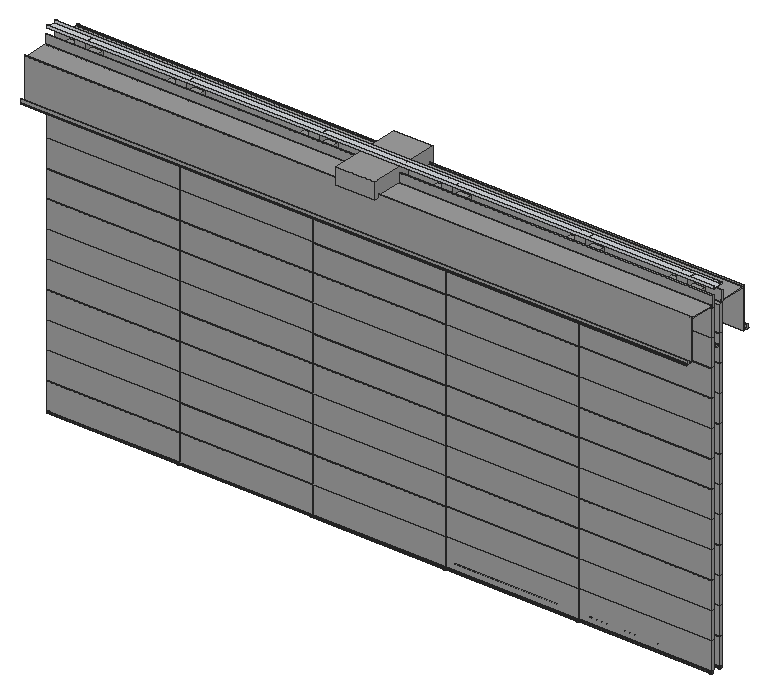
Revit family (continued)
Definition of nested family "2D Fold Panels"
  Automatic sketch dimensions
    curve 19 to curve 20 = 0' - 0"
    curve 7 to curve 6 = 0' - 0"
    curve 18 to curve 19 = 0' - 0"
    curve 8 to curve 7 = 0' - 0"
    curve 17 to curve 18 = 0' - 0"
    curve 9 to curve 8 = 0' - 0"
    curve 16 to curve 17 = 0' - 0"
    curve 10 to curve 9 = 0' - 0"
    curve 15 to curve 16 = 0' - 0"
    curve 11 to curve 10 = 0' - 0"
    curve 14 to curve 15 = 0' - 0"
    curve 12 to curve 11 = 0' - 0"
    curve 13 to curve 12 = 0' - 0"  (x2)
    curve 12 to plane 4 = 0' - 8.45338"
    curve 11 to curve 12 = 0' - 0"
    curve 14 to curve 13 = 0' - 0"
    curve 10 to curve 11 = 0' - 0"
    curve 15 to curve 14 = 0' - 0"
    curve 9 to curve 10 = 0' - 0"
    curve 16 to curve 15 = 0' - 0"
    curve 8 to curve 9 = 0' - 0"
    curve 17 to curve 16 = 0' - 0"
    curve 7 to curve 8 = 0' - 0"
    curve 18 to curve 17 = 0' - 0"
    curve 6 to curve 7 = 0' - 0"
    curve 19 to curve 18 = 0' - 0"
    curve 5 to curve 6 = 0' - 0"
    curve 20 to curve 19 = 0' - 0"
    curve 4 to curve 5 = 0' - 0"
    curve 21 to curve 20 = 0' - 0"
    curve 3 to curve 4 = 0' - 0"
    curve 22 to curve 21 = 0' - 0"
    curve 2 to curve 3 = 0' - 0"
    curve 23 to curve 22 = 0' - 0"
    curve 1 to curve 2 = 0' - 0"
    curve 24 to curve 23 = 0' - 0"
    plane 5 to curve 48 = 0' - 8.45338"
    plane 5 to curve 25 = 0' - 8.45338"
    curve 47 to curve 48 = 0' - 0"
    curve 26 to curve 25 = 0' - 0"
    curve 46 to curve 47 = 0' - 0"
    curve 27 to curve 26 = 0' - 0"
    curve 45 to curve 46 = 0' - 0"
    curve 28 to curve 27 = 0' - 0"
    curve 44 to curve 45 = 0' - 0"
    curve 29 to curve 28 = 0' - 0"
    curve 43 to curve 44 = 0' - 0"
    curve 30 to curve 29 = 0' - 0"
    curve 42 to curve 43 = 0' - 0"
    curve 31 to curve 30 = 0' - 0"
    curve 41 to curve 42 = 0' - 0"
    curve 32 to curve 31 = 0' - 0"
    curve 40 to curve 41 = 0' - 0"
    curve 33 to curve 32 = 0' - 0"
    curve 39 to curve 40 = 0' - 0"
    curve 34 to curve 33 = 0' - 0"
    curve 38 to curve 39 = 0' - 0"
    curve 35 to curve 34 = 0' - 0"
    curve 37 to curve 38 = 0' - 0"
    curve 36 to curve 37 = 0' - 0"  (x2)
    curve 37 to plane 7 = 0' - 5.08923"
    curve 38 to curve 37 = 0' - 0"
    curve 35 to curve 36 = 0' - 0"
    curve 39 to curve 38 = 0' - 0"
    curve 34 to curve 35 = 0' - 0"
    curve 40 to curve 39 = 0' - 0"
    curve 33 to curve 34 = 0' - 0"
    curve 41 to curve 40 = 0' - 0"
    curve 32 to curve 33 = 0' - 0"
    curve 42 to curve 41 = 0' - 0"
    curve 31 to curve 32 = 0' - 0"
    curve 43 to curve 42 = 0' - 0"
    curve 30 to curve 31 = 0' - 0"
    curve 44 to curve 43 = 0' - 0"
    curve 29 to curve 30 = 0' - 0"
    curve 45 to curve 44 = 0' - 0"
    curve 28 to curve 29 = 0' - 0"
    curve 46 to curve 45 = 0' - 0"
    curve 27 to curve 28 = 0' - 0"
    curve 47 to curve 46 = 0' - 0"
    curve 26 to curve 27 = 0' - 0"
    curve 48 to curve 47 = 0' - 0"
    curve 25 to curve 26 = 0' - 0"
    curve 47 to plane 1 "Center (Front/Back)" = 0' - 2 1/4"
    curve 23 to plane 1 "Center (Front/Back)" = 0' - 2 1/4"
    curve 47 to curve 46 = 0' - 0 1/8"
    curve 23 to curve 22 = 0' - 0 1/8"
    curve 46 to curve 45 = 0' - 2 1/4"
    curve 22 to curve 21 = 0' - 2 1/4"
    curve 21 to curve 20 = 0' - 1.73506"
    curve 45 to curve 44 = 0' - 1.73506"
    curve 44 to curve 43 = 0' - 2 1/4"
    curve 20 to curve 19 = 0' - 2 1/4"
    curve 19 to curve 18 = 0' - 0 1/8"
    curve 43 to curve 42 = 0' - 0 1/8"
    curve 42 to curve 41 = 0' - 2 1/4"
    curve 18 to curve 17 = 0' - 2 1/4"
    curve 17 to curve 16 = 0' - 1.73506"
    curve 41 to curve 40 = 0' - 1.73506"
    curve 16 to curve 15 = 0' - 2 1/4"
    curve 40 to curve 39 = 0' - 2 1/4"
    curve 15 to curve 14 = 0' - 0 1/8"
    curve 39 to curve 38 = 0' - 0 1/8"
    curve 14 to curve 13 = 0' - 2 1/4"
    curve 38 to curve 37 = 0' - 2 1/4"
    curve 37 to curve 36 = 0' - 1.73506"
    curve 13 to curve 12 = 0' - 1.73506"
    curve 36 to curve 35 = 0' - 2 1/4"
    curve 12 to curve 11 = 0' - 2 1/4"
    curve 11 to curve 10 = 0' - 0 1/8"
    curve 35 to curve 34 = 0' - 0 1/8"
    curve 10 to curve 9 = 0' - 2 1/4"
    curve 34 to curve 33 = 0' - 2 1/4"
    curve 33 to curve 32 = 0' - 1.73506"
    curve 9 to curve 8 = 0' - 1.73506"
    curve 8 to curve 7 = 0' - 2 1/4"
    curve 32 to curve 31 = 0' - 2 1/4"
    curve 31 to curve 30 = 0' - 0 1/8"
    curve 7 to curve 6 = 0' - 0 1/8"
    curve 6 to curve 5 = 0' - 2 1/4"
    curve 30 to curve 29 = 0' - 2 1/4"
    curve 29 to curve 28 = 0' - 1.73506"
    curve 5 to curve 4 = 0' - 1.73506"
    curve 28 to curve 27 = 0' - 2 1/4"
    curve 4 to curve 3 = 0' - 2 1/4"
    curve 3 to curve 2 = 0' - 0 1/8"
    curve 27 to curve 26 = 0' - 0 1/8"
    curve 2 to curve 1 = 0' - 2 1/4"
    curve 26 to curve 25 = 0' - 2 1/4"
  Nested families (in)
    nested 1: "2D Ext Panels" at (-33.49724, 0, 0), type "panels", in view "Ref. Level"
    nested 2: "2D Int Panels" at (12.13272, 0, 0), type "Panels", in view "Ref. Level"
    nested 3: "2D Ext Panels" at (28.52102, 0, 0) x (-1, 0, 0) z (0, 0, 1), type "panels", in view "Ref. Level"
    nested 4: "2D Int Panels" at (-17.10894, 0, 0) x (-1, 0, 0) z (0, 0, 1), type "Panels", in view "Ref. Level"
  Definition of nested family "2D Ext Panels"
    Parameters (values of type "panels")
      Assembly Code = ""
    Reference planes (in)
      plane 1 "Center (Front/Back)": y = 0
      plane 2: z = 0
      plane 3 "Center (Left/Right)": x = 0
    Lines and regions (in)
      model lines, style "DetailComponents", in view "Ref. Level"
        curve 1: line (-3.15164, 2.25, 0) -> (-7.51926, 2.25, 0)
        curve 2: line (-7.51926, 2.25, 0) -> (-8.31196, 1.4573, 0)
        curve 3: line (-8.31196, 1.4573, 0) -> (-8.31196, 0, 0)
        curve 4: line (-8.31196, 0, 0) -> (-3.15164, 0, 0)
        curve 5: line (-3.15164, 8.73506, 0) -> (-7.45687, 8.73506, 0)
        curve 6: line (-7.45687, 8.73506, 0) -> (-8.24087, 9.51906, 0)
        curve 7: line (-8.24087, 9.51906, 0) -> (-8.24087, 10.98506, 0)
        curve 8: line (-8.24087, 10.98506, 0) -> (-3.15164, 10.98506, 0)
        curve 9: line (-3.15164, 6.36006, 0) -> (-8.24087, 6.36006, 0)
        curve 10: line (-8.24087, 6.36006, 0) -> (-8.24087, 7.82606, 0)
        curve 11: line (-8.24087, 7.82606, 0) -> (-7.45687, 8.61006, 0)
        curve 12: line (-7.45687, 8.61006, 0) -> (-3.15164, 8.61006, 0)
        curve 13: line (-3.15164, 2.375, 0) -> (-7.52796, 2.375, 0)
        curve 14: line (-7.52796, 2.375, 0) -> (-8.31196, 3.159, 0)
        curve 15: line (-8.31196, 3.159, 0) -> (-8.31196, 4.625, 0)
        curve 16: line (-8.31196, 4.625, 0) -> (-3.15164, 4.625, 0)
      detail lines, style "DetailComponents", in view "Ref. Level"
        curve 17: line (-3.15164, 15.09513, 0) -> (-7.45687, 15.09513, 0)
        curve 18: line (-7.45687, 15.09513, 0) -> (-8.24087, 15.87913, 0)
        curve 19: line (-8.24087, 15.87913, 0) -> (-8.24087, 17.34513, 0)
        curve 20: line (-8.24087, 17.34513, 0) -> (-3.15164, 17.34513, 0)
        curve 21: line (-3.15164, 12.72013, 0) -> (-8.24087, 12.72013, 0)
        curve 22: line (-8.24087, 12.72013, 0) -> (-8.24087, 14.18613, 0)
        curve 23: line (-8.24087, 14.18613, 0) -> (-7.45687, 14.97013, 0)
        curve 24: line (-7.45687, 14.97013, 0) -> (-3.15164, 14.97013, 0)
        curve 25: line (-3.15164, 21.45519, 0) -> (-7.45687, 21.45519, 0)
        curve 26: line (-7.45687, 21.45519, 0) -> (-8.24087, 22.23919, 0)
        curve 27: line (-8.24087, 22.23919, 0) -> (-8.24087, 23.70519, 0)
        curve 28: line (-8.24087, 23.70519, 0) -> (-3.15164, 23.70519, 0)
        curve 29: line (-3.15164, 19.08019, 0) -> (-8.24087, 19.08019, 0)
        curve 30: line (-8.24087, 19.08019, 0) -> (-8.24087, 20.54619, 0)
        curve 31: line (-8.24087, 20.54619, 0) -> (-7.45687, 21.33019, 0)
        curve 32: line (-7.45687, 21.33019, 0) -> (-3.15164, 21.33019, 0)
        curve 33: line (-3.15164, 27.81525, 0) -> (-7.45687, 27.81525, 0)
        curve 34: line (-7.45687, 27.81525, 0) -> (-8.24087, 28.59925, 0)
        curve 35: line (-8.24087, 28.59925, 0) -> (-8.24087, 30.06525, 0)
        curve 36: line (-8.24087, 30.06525, 0) -> (-3.15164, 30.06525, 0)
        curve 37: line (-3.15164, 25.44025, 0) -> (-8.24087, 25.44025, 0)
        curve 38: line (-8.24087, 25.44025, 0) -> (-8.24087, 26.90625, 0)
        curve 39: line (-8.24087, 26.90625, 0) -> (-7.45687, 27.69025, 0)
        curve 40: line (-7.45687, 27.69025, 0) -> (-3.15164, 27.69025, 0)
        curve 41: line (-3.15164, 34.17531, 0) -> (-7.45687, 34.17531, 0)
        curve 42: line (-7.45687, 34.17531, 0) -> (-8.24087, 34.95931, 0)
        curve 43: line (-8.24087, 34.95931, 0) -> (-8.24087, 36.42531, 0)
        curve 44: line (-8.24087, 36.42531, 0) -> (-3.15164, 36.42531, 0)
        curve 45: line (-3.15164, 31.80031, 0) -> (-8.24087, 31.80031, 0)
        curve 46: line (-8.24087, 31.80031, 0) -> (-8.24087, 33.26631, 0)
        curve 47: line (-8.24087, 33.26631, 0) -> (-7.45687, 34.05031, 0)
        curve 48: line (-7.45687, 34.05031, 0) -> (-3.15164, 34.05031, 0)
  Definition of nested family "2D Int Panels"
    Parameters (values of type "Panels")
      Assembly Code = ""
    Reference planes (in)
      plane 1 "Center (Front/Back)": y = 0
      plane 2: z = 0
      plane 3 "Center (Left/Right)": x = -12.78401
    Lines and regions (in)
      model lines, style "DetailComponents", in view "Ref. Level"
        curve 1: arc (-16.55211, 0.06825, 0) -> (-16.24953, 0.15463, 0) -> (-16.11168, 0.4375, 0) r 0.38616
        curve 2: arc (-16.11168, 0.4375, 0) -> (-16.23386, 0.72219, 0) -> (-16.531, 0.80987, 0) r 0.36427
        curve 3: arc (-17.59327, 36.35706, 0) -> (-17.29068, 36.27069, 0) -> (-17.15283, 35.98781, 0) r 0.38616
        curve 4: arc (-17.15283, 35.98781, 0) -> (-17.27502, 35.70312, 0) -> (-17.57215, 35.61544, 0) r 0.36427
        curve 5: line (-26.32421, 0, 0) -> (-17.87083, 0, 0)
        curve 6: line (-17.87083, 0, 0) -> (-17.87083, 0.24995, 0)
        curve 7: line (-17.87083, 0.24995, 0) -> (-16.55211, 0.06825, 0)
        curve 8: line (-16.531, 0.80987, 0) -> (-17.72553, 0.63308, 0)
        curve 9: line (-17.72553, 0.63308, 0) -> (-17.87083, 0.62287, 0)
        curve 10: line (-17.87083, 0.62287, 0) -> (-17.87083, 0.75, 0)
        curve 11: line (-17.87083, 0.75, 0) -> (-18.38883, 0.75, 0)
        curve 12: line (-18.38883, 0.75, 0) -> (-18.38883, 2.25, 0)
        curve 13: line (-18.38883, 2.25, 0) -> (-26.32421, 2.25, 0)
        curve 14: line (-26.32421, 4.625, 0) -> (-17.87083, 4.625, 0)
        curve 15: line (-17.87083, 4.625, 0) -> (-17.87083, 4.375, 0)
        curve 16: line (-17.87083, 4.375, 0) -> (-18.37083, 4.375, 0)
        curve 17: line (-18.37083, 4.375, 0) -> (-18.37083, 2.375, 0)
        curve 18: line (-18.37083, 2.375, 0) -> (-26.32421, 2.375, 0)
        curve 19: line (-26.32421, 8.61006, 0) -> (-17.87083, 8.61006, 0)
        curve 20: line (-17.87083, 8.61006, 0) -> (-17.87083, 6.36006, 0)
        curve 21: line (-17.87083, 6.36006, 0) -> (-26.32421, 6.36006, 0)
        curve 22: line (-26.32421, 10.98506, 0) -> (-17.87083, 10.98506, 0)
        curve 23: line (-17.87083, 10.98506, 0) -> (-17.87083, 10.73506, 0)
        curve 24: line (-17.87083, 10.73506, 0) -> (-18.37083, 10.73506, 0)
        curve 25: line (-18.37083, 10.73506, 0) -> (-18.37083, 8.73506, 0)
        curve 26: line (-18.37083, 8.73506, 0) -> (-26.32421, 8.73506, 0)
        curve 27: line (-26.32421, 34.05031, 0) -> (-17.87083, 34.05031, 0)
        curve 28: line (-17.87083, 34.05031, 0) -> (-17.87083, 31.80031, 0)
        curve 29: line (-17.87083, 31.80031, 0) -> (-26.32421, 31.80031, 0)
        curve 30: line (-26.32421, 36.42531, 0) -> (-18.87083, 36.42531, 0)
        curve 31: line (-18.87083, 36.42531, 0) -> (-18.868, 36.17536, 0)
        curve 32: line (-18.868, 36.17536, 0) -> (-17.59327, 36.35706, 0)
        curve 33: line (-17.57215, 35.61544, 0) -> (-18.76668, 35.79223, 0)
        curve 34: line (-18.76668, 35.79223, 0) -> (-18.90283, 35.80263, 0)
        curve 35: line (-18.90283, 35.80263, 0) -> (-18.90283, 35.67531, 0)
        curve 36: line (-18.90283, 35.67531, 0) -> (-19.17083, 35.67531, 0)
        curve 37: line (-19.17083, 35.67531, 0) -> (-19.17083, 34.17531, 0)
        curve 38: line (-19.17083, 34.17531, 0) -> (-26.32421, 34.17531, 0)
      detail lines, style "DetailComponents", in view "Ref. Level"
        curve 39: line (-26.32421, 21.33019, 0) -> (-17.87083, 21.33019, 0)
        curve 40: line (-17.87083, 21.33019, 0) -> (-17.87083, 19.08019, 0)
        curve 41: line (-17.87083, 19.08019, 0) -> (-26.32421, 19.08019, 0)
        curve 42: line (-26.32421, 23.70519, 0) -> (-17.87083, 23.70519, 0)
        curve 43: line (-17.87083, 23.70519, 0) -> (-17.87083, 23.45519, 0)
        curve 44: line (-17.87083, 23.45519, 0) -> (-18.37083, 23.45519, 0)
        curve 45: line (-18.37083, 23.45519, 0) -> (-18.37083, 21.45519, 0)
        curve 46: line (-18.37083, 21.45519, 0) -> (-26.32421, 21.45519, 0)
        curve 47: line (-26.32421, 14.97013, 0) -> (-17.87083, 14.97013, 0)
        curve 48: line (-17.87083, 14.97013, 0) -> (-17.87083, 12.72013, 0)
        curve 49: line (-17.87083, 12.72013, 0) -> (-26.32421, 12.72013, 0)
        curve 50: line (-26.32421, 17.34513, 0) -> (-17.87083, 17.34513, 0)
        curve 51: line (-17.87083, 17.34513, 0) -> (-17.87083, 17.09513, 0)
        curve 52: line (-17.87083, 17.09513, 0) -> (-18.37083, 17.09513, 0)
        curve 53: line (-18.37083, 17.09513, 0) -> (-18.37083, 15.09513, 0)
        curve 54: line (-18.37083, 15.09513, 0) -> (-26.32421, 15.09513, 0)
        curve 55: line (-26.32421, 27.69025, 0) -> (-17.87083, 27.69025, 0)
        curve 56: line (-17.87083, 27.69025, 0) -> (-17.87083, 25.44025, 0)
        curve 57: line (-17.87083, 25.44025, 0) -> (-26.32421, 25.44025, 0)
        curve 58: line (-26.32421, 30.06525, 0) -> (-17.87083, 30.06525, 0)
        curve 59: line (-17.87083, 30.06525, 0) -> (-17.87083, 29.81525, 0)
        curve 60: line (-17.87083, 29.81525, 0) -> (-18.37083, 29.81525, 0)
        curve 61: line (-18.37083, 29.81525, 0) -> (-18.37083, 27.81525, 0)
        curve 62: line (-18.37083, 27.81525, 0) -> (-26.32421, 27.81525, 0)
Definition of nested family "2D Unfold Panels"
  Parameters (values of type "Unfold panels")
    Wall thickness = 0' - 11 3/4"
    Distance_Between_Panels = 2' - 2 7/8"
    Assembly Code = ""
  Reference planes (in)
    plane 1: z = 0
    plane 2 "Center (Left/Right)": x = 0.41811
    plane 3: y = 92
    plane 4: y = 65.125
    plane 5: y = 38.25
    plane 6: y = 11.375
    plane 7: y = -15.5
    plane 8: y = -42.375
    plane 9: y = -69.25
    plane 10: y = -96.125
    plane 11: y = -123
    plane 12: y = -149.875
    plane 13: y = -176.75
    plane 14: y = -203.625
    plane 15: y = -230.5
    plane 16: y = -230.57812
    plane 17: y = 90.89062
    plane 18: x = 6.29311
    plane 19: x = -5.45689
  Lines and regions (in)
    detail lines, in view "Ref. Level"
      curve 1: line (-5.45689, 87.75359, 0) -> (-5.45689, 68.93944, 0)
      curve 2: line (-3.20678, 87.75359, 0) -> (-3.20678, 68.93944, 0)
      curve 3: line (-5.45689, 62.08989, 0) -> (-5.45689, 41.31444, 0)
      curve 4: line (-3.20678, 62.08989, 0) -> (-3.20678, 41.31444, 0)
      curve 5: line (-3.20678, 35.47786, 0) -> (-3.20678, 14.33098, 0)
      curve 6: line (-5.45689, 14.33098, 0) -> (-5.45689, 35.47786, 0)
      curve 7: line (-5.45689, -45.41011, 0) -> (-5.45689, -65.00359, 0)
      curve 8: line (-3.20678, -45.41011, 0) -> (-3.20678, -65.00359, 0)
      curve 9: line (-5.45689, 8.33989, 0) -> (-5.45689, -12.43556, 0)
      curve 10: line (-3.20678, 8.33989, 0) -> (-3.20678, -12.43556, 0)
      curve 11: line (-3.20678, -18.27214, 0) -> (-3.20678, -39.41902, 0)
      curve 12: line (-5.45689, -39.41902, 0) -> (-5.45689, -18.27214, 0)
      curve 13: line (-5.45689, -99.16011, 0) -> (-5.45689, -118.75359, 0)
      curve 14: line (-3.20678, -99.16011, 0) -> (-3.20678, -118.75359, 0)
      curve 15: line (-3.20678, -72.02214, 0) -> (-3.20678, -93.16902, 0)
      curve 16: line (-5.45689, -93.16902, 0) -> (-5.45689, -72.02214, 0)
      curve 17: line (-5.45689, -152.91011, 0) -> (-5.45689, -172.50359, 0)
      curve 18: line (-3.20678, -152.91011, 0) -> (-3.20678, -172.50359, 0)
      curve 19: line (-3.20678, -125.77214, 0) -> (-3.20678, -146.91902, 0)
      curve 20: line (-5.45689, -146.91902, 0) -> (-5.45689, -125.77214, 0)
      curve 21: line (-5.45689, -206.66011, 0) -> (-5.45689, -226.75359, 0)
      curve 22: line (-3.20678, -206.66011, 0) -> (-3.20678, -226.75359, 0)
      curve 23: line (-3.20678, -179.52214, 0) -> (-3.20678, -200.66902, 0)
      curve 24: line (-5.45689, -200.66902, 0) -> (-5.45689, -179.52214, 0)
      curve 25: line (6.29311, 87.75359, 0) -> (6.29311, 68.93944, 0)
      curve 26: line (4.043, 87.75359, 0) -> (4.043, 68.93944, 0)
      curve 27: line (6.29311, 62.08989, 0) -> (6.29311, 41.31444, 0)
      curve 28: line (4.043, 62.08989, 0) -> (4.043, 41.31444, 0)
      curve 29: line (4.043, 35.47786, 0) -> (4.043, 14.33098, 0)
      curve 30: line (6.29311, 14.33098, 0) -> (6.29311, 35.47786, 0)
      curve 31: line (6.29311, -45.41011, 0) -> (6.29311, -65.00359, 0)
      curve 32: line (4.043, -45.41011, 0) -> (4.043, -65.00359, 0)
      curve 33: line (6.29311, 8.33989, 0) -> (6.29311, -12.43556, 0)
      curve 34: line (4.043, 8.33989, 0) -> (4.043, -12.43556, 0)
      curve 35: line (4.043, -18.27214, 0) -> (4.043, -39.41902, 0)
      curve 36: line (6.29311, -39.41902, 0) -> (6.29311, -18.27214, 0)
      curve 37: line (6.29311, -99.16011, 0) -> (6.29311, -118.75359, 0)
      curve 38: line (4.043, -99.16011, 0) -> (4.043, -118.75359, 0)
      curve 39: line (4.043, -72.02214, 0) -> (4.043, -93.16902, 0)
      curve 40: line (6.29311, -93.16902, 0) -> (6.29311, -72.02214, 0)
      curve 41: line (6.29311, -152.91011, 0) -> (6.29311, -172.50359, 0)
      curve 42: line (4.043, -152.91011, 0) -> (4.043, -172.50359, 0)
      curve 43: line (4.043, -125.77214, 0) -> (4.043, -146.91902, 0)
      curve 44: line (6.29311, -146.91902, 0) -> (6.29311, -125.77214, 0)
      curve 45: line (6.29311, -206.66011, 0) -> (6.29311, -226.75359, 0)
      curve 46: line (4.043, -206.66011, 0) -> (4.043, -226.75359, 0)
      curve 47: line (4.043, -179.52214, 0) -> (4.043, -200.66902, 0)
      curve 48: line (6.29311, -200.66902, 0) -> (6.29311, -179.52214, 0)
  Dimensions and locks (in)
    "Distance_Between_Panels": plane 4 to plane 3
    locked: plane 16 to plane 15 at 0.07812
    locked: plane 3 to plane 17 at 1.10937
    equal spacing: plane 15, plane 14, plane 13, plane 12, plane 11, plane 10, plane 9, plane 8, plane 7, plane 6, plane 5, plane 4, plane 3
    equal spacing: plane 19, plane 2 "Center (Left/Right)", plane 18
    "Wall thickness": plane 19 to plane 18
    aligned and locked: plane 2 "Center (Left/Right)" to nested 1
    aligned and locked: plane 2 "Center (Left/Right)" to nested 2
    aligned and locked: plane 2 "Center (Left/Right)" to nested 3
    aligned and locked: plane 2 "Center (Left/Right)" to nested 4
    aligned and locked: plane 2 "Center (Left/Right)" to nested 5
    aligned: plane 3 to nested 5
    aligned: plane 5 to nested 4
    aligned: plane 6 to nested 3
    aligned: plane 9 to nested 2
    aligned: nested 2 to plane 9
    aligned: plane 8 to nested 6
    aligned: plane 7 to nested 7
    aligned: nested 3 to plane 6
    aligned: nested 4 to plane 5
    aligned and locked: nested 2 to plane 8
    aligned and locked: nested 6 to plane 7
    aligned and locked: nested 7 to plane 6
    aligned and locked: nested 3 to plane 5
    aligned and locked: nested 4 to plane 4
    aligned and locked: nested 8 to plane 10
    aligned and locked: nested 9 to plane 9
    aligned and locked: nested 10 to plane 12
    aligned and locked: nested 11 to plane 11
    aligned: plane 15 to nested 1
    aligned and locked: nested 12 to plane 14
    aligned and locked: nested 13 to plane 13
    aligned and locked: nested 1 to plane 16
    aligned and locked: nested 5 to plane 17
    aligned and locked: plane 2 "Center (Left/Right)" to nested 12
    aligned and locked: plane 2 "Center (Left/Right)" to nested 13
    aligned and locked: plane 2 "Center (Left/Right)" to nested 10
    aligned and locked: plane 2 "Center (Left/Right)" to nested 11
    aligned and locked: plane 2 "Center (Left/Right)" to nested 8
    aligned and locked: plane 2 "Center (Left/Right)" to nested 9
    aligned and locked: plane 2 "Center (Left/Right)" to nested 6
    aligned and locked: plane 2 "Center (Left/Right)" to nested 7
  Automatic sketch dimensions
    curve 1 to plane 19 = 0' - 0"
    curve 24 to plane 19 = 0' - 0"
    curve 3 to plane 19 = 0' - 0"
    curve 21 to plane 19 = 0' - 0"
    curve 20 to plane 19 = 0' - 0"
    curve 6 to plane 19 = 0' - 0"
    curve 7 to plane 19 = 0' - 0"
    curve 17 to plane 19 = 0' - 0"
    curve 9 to plane 19 = 0' - 0"
    curve 16 to plane 19 = 0' - 0"
    curve 13 to plane 19 = 0' - 0"
    curve 12 to plane 19 = 0' - 0"
    curve 37 to plane 18 = 0' - 0"
    curve 36 to plane 18 = 0' - 0"
    curve 33 to plane 18 = 0' - 0"
    curve 40 to plane 18 = 0' - 0"
    curve 41 to plane 18 = 0' - 0"
    curve 31 to plane 18 = 0' - 0"
    curve 30 to plane 18 = 0' - 0"
    curve 27 to plane 18 = 0' - 0"
    curve 44 to plane 18 = 0' - 0"
    curve 45 to plane 18 = 0' - 0"
    curve 25 to plane 18 = 0' - 0"
    curve 48 to plane 18 = 0' - 0"
    plane 19 to curve 11 = 0' - 2.25011"
    plane 19 to curve 14 = 0' - 2.25011"
    plane 19 to curve 15 = 0' - 2.25011"
    plane 19 to curve 10 = 0' - 2.25011"
    plane 19 to curve 8 = 0' - 2.25011"
    plane 19 to curve 18 = 0' - 2.25011"
    plane 19 to curve 19 = 0' - 2.25011"
    plane 19 to curve 5 = 0' - 2.25011"
    plane 19 to curve 4 = 0' - 2.25011"
    plane 19 to curve 22 = 0' - 2.25011"
    plane 19 to curve 23 = 0' - 2.25011"
    plane 19 to curve 2 = 0' - 2.25011"
    curve 47 to plane 18 = 0' - 2.25011"
    curve 46 to plane 18 = 0' - 2.25011"
    curve 26 to curve 25 = 0' - 2.25011"
    curve 43 to plane 18 = 0' - 2.25011"
    curve 28 to curve 27 = 0' - 2.25011"
    curve 29 to curve 30 = 0' - 2.25011"
    curve 42 to plane 18 = 0' - 2.25011"
    curve 32 to plane 18 = 0' - 2.25011"
    curve 39 to plane 18 = 0' - 2.25011"
    curve 34 to plane 18 = 0' - 2.25011"
    curve 35 to plane 18 = 0' - 2.25011"
    curve 38 to plane 18 = 0' - 2.25011"
    plane 16 to curve 45 = 0' - 3.82454"
    plane 16 to curve 21 = 0' - 3.82454"
    curve 46 to curve 45 = 0' - 0"  (x2)
    curve 21 to curve 22 = 0' - 0"  (x2)
    plane 14 to curve 46 = 0' - 3.03511"
    plane 14 to curve 22 = 0' - 3.03511"
    curve 23 to plane 14 = 0' - 2.95598"
    curve 47 to plane 14 = 0' - 2.95598"
    curve 24 to curve 23 = 0' - 0"  (x2)
    curve 47 to curve 48 = 0' - 0"  (x2)
    plane 13 to curve 47 = 0' - 2.77214"
    plane 13 to curve 24 = 0' - 2.77214"
    curve 41 to plane 13 = 0' - 4.24641"
    curve 17 to plane 13 = 0' - 4.24641"
    curve 42 to curve 41 = 0' - 0"  (x2)
    curve 17 to curve 18 = 0' - 0"  (x2)
    plane 12 to curve 42 = 0' - 3.03511"
    plane 12 to curve 17 = 0' - 3.03511"
    curve 19 to plane 12 = 0' - 2.95598"
    curve 43 to plane 12 = 0' - 2.95598"
    curve 43 to curve 44 = 0' - 0"  (x2)
    curve 20 to curve 19 = 0' - 0"  (x2)
    plane 11 to curve 44 = 0' - 2.77214"
    plane 11 to curve 20 = 0' - 2.77214"
    curve 37 to plane 11 = 0' - 4.24641"
    curve 14 to plane 11 = 0' - 4.24641"
    curve 13 to curve 14 = 0' - 0"  (x2)
    curve 38 to curve 37 = 0' - 0"  (x2)
    plane 10 to curve 13 = 0' - 3.03511"
    plane 10 to curve 38 = 0' - 3.03511"
    curve 16 to plane 10 = 0' - 2.95598"
    curve 40 to plane 10 = 0' - 2.95598"
    curve 39 to curve 40 = 0' - 0"  (x2)
    curve 16 to curve 15 = 0' - 0"  (x2)
    plane 9 to curve 39 = 0' - 2.77214"
    plane 9 to curve 15 = 0' - 2.77214"
    curve 7 to plane 9 = 0' - 4.24641"
    curve 32 to plane 9 = 0' - 4.24641"
    curve 32 to curve 31 = 0' - 0"  (x2)
    curve 7 to curve 8 = 0' - 0"  (x2)
    plane 8 to curve 7 = 0' - 3.03511"
    plane 8 to curve 31 = 0' - 3.03511"
    curve 12 to plane 8 = 0' - 2.95598"
    curve 12 to curve 11 = 0' - 0"  (x2)
    curve 36 to plane 8 = 0' - 2.95598"
    curve 35 to curve 36 = 0' - 0"  (x2)
    plane 7 to curve 36 = 0' - 2.77214"
    plane 7 to curve 12 = 0' - 2.77214"
    curve 33 to plane 7 = 0' - 3.06444"
    curve 10 to plane 7 = 0' - 3.06444"
    curve 34 to curve 33 = 0' - 0"  (x2)
    curve 9 to curve 10 = 0' - 0"  (x2)
    plane 6 to curve 33 = 0' - 3.03511"
    plane 6 to curve 10 = 0' - 3.03511"
    curve 6 to plane 6 = 0' - 2.95598"
    curve 30 to plane 6 = 0' - 2.95598"
    curve 6 to curve 5 = 0' - 0"  (x2)
    curve 29 to curve 30 = 0' - 0"  (x2)
    plane 5 to curve 6 = 0' - 2.77214"
    plane 5 to curve 30 = 0' - 2.77214"
    curve 3 to plane 5 = 0' - 3.06444"
    curve 27 to plane 5 = 0' - 3.06444"
    curve 3 to curve 4 = 0' - 0"  (x2)
    curve 28 to curve 27 = 0' - 0"  (x2)
    plane 4 to curve 28 = 0' - 3.03511"
    plane 4 to curve 3 = 0' - 3.03511"
    curve 1 to plane 4 = 0' - 3.81444"
    curve 25 to plane 4 = 0' - 3.81444"
    curve 1 to curve 2 = 0' - 0"  (x2)
    curve 26 to curve 25 = 0' - 0"  (x2)
    curve 2 to plane 17 = 0' - 3.13704"
    curve 25 to plane 17 = 0' - 3.13704"
  Nested families (in)
    nested 1: "vert fin bas" at (0.01809, -226.33456, 0), type "vert fin bas", in view "Ref. Level"
    nested 2: "vert biseau" at (0.37088, -45.37581, 0), type "vert biseau", in view "Ref. Level"
    nested 3: "vert levres" at (0.31883, 35.57838, 0), type "vert levres", in view "Ref. Level"
    nested 4: "vert biseau" at (0.37088, 62.12419, 0), type "vert biseau", in view "Ref. Level"
    nested 5: "vert fin haut" at (0.85512, 86.64706, 0), type "vert fin haut", in view "Ref. Level"
    nested 6: "vert levres" at (0.31883, -18.17162, 0), type "vert levres", in view "Ref. Level"
    nested 7: "vert biseau" at (0.37088, 8.37419, 0), type "vert biseau", in view "Ref. Level"
    nested 8: "vert biseau" at (0.37088, -99.12581, 0), type "vert biseau", in view "Ref. Level"
    nested 9: "vert levres" at (0.31883, -71.92162, 0), type "vert levres", in view "Ref. Level"
    nested 10: "vert biseau" at (0.37088, -152.87581, 0), type "vert biseau", in view "Ref. Level"
    nested 11: "vert levres" at (0.31883, -125.67162, 0), type "vert levres", in view "Ref. Level"
    nested 12: "vert biseau" at (0.37088, -206.62581, 0), type "vert biseau", in view "Ref. Level"
    nested 13: "vert levres" at (0.31883, -179.42162, 0), type "vert levres", in view "Ref. Level"
  Definition of nested family "vert fin bas"
    Parameters (values of type "vert fin bas")
      Wall thickness = 0' - 11 3/4"
      Assembly Code = ""
    Reference planes (in)
      plane 1 "Center (Front/Back)": y = 0
      plane 2: z = 0
      plane 3 "Center (Left/Right)": x = 0.40002
      plane 4: x = -5.47498
      plane 5: x = 6.27502
    Lines and regions (in)
      model lines, style "DetailComponents", in view "Ref. Level"
        curve 1: arc (-5.46512, -5.84526, 0) -> (-5.03544, -6.27494, 0) -> (-4.60575, -5.84526, 0) r 0.42968
        curve 2: line (-5.47498, 0.00284, 0) -> (-5.47498, -4.27482, 0)
        curve 3: line (-5.47498, -4.27482, 0) -> (-5.22497, -4.27482, 0)
        curve 4: line (-5.22497, -4.27482, 0) -> (-5.46512, -5.84526, 0)
        curve 5: line (-4.60575, -5.84526, 0) -> (-4.85481, -4.24357, 0)
        curve 6: line (-4.85481, -4.24357, 0) -> (-4.24567, -4.24357, 0)
        curve 7: line (-4.24567, -4.24357, 0) -> (-3.22487, -3.22277, 0)
        curve 8: line (-3.22487, -3.22277, 0) -> (-3.22487, 0.00284, 0)
        curve 9: arc (0.90004, -6.01609, 0) -> (1.25205, -5.87118, 0) -> (1.40004, -5.52045, 0) r 0.50003
        curve 10: arc (1.40004, -5.52045, 0) -> (1.38599, -5.43168, 0) -> (1.33756, -5.35598, 0) r 0.21963
        curve 11: arc (-0.53754, -5.35598, 0) -> (-0.58597, -5.43168, 0) -> (-0.60002, -5.52045, 0) r 0.21963
        curve 12: arc (-0.60002, -5.52045, 0) -> (-0.45203, -5.87118, 0) -> (-0.10001, -6.01609, 0) r 0.50003
        curve 13: arc (0.15, -4.98096, 0) -> (0.23839, -4.94435, 0) -> (0.275, -4.85595, 0) r 0.12501
        curve 14: arc (0.52502, -4.85595, 0) -> (0.56163, -4.94435, 0) -> (0.65002, -4.98096, 0) r 0.12501
        curve 15: arc (-0.60004, -4.85595, 0) -> (-0.68843, -4.89257, 0) -> (-0.72505, -4.98096, 0) r 0.12501
        curve 16: arc (-0.72505, -5.51606, 0) -> (-0.54198, -5.95803, 0) -> (-0.10001, -6.14109, 0) r 0.62503
        curve 17: arc (0.90004, -6.14109, 0) -> (1.342, -5.95803, 0) -> (1.52507, -5.51606, 0) r 0.62503
        curve 18: arc (1.52507, -4.98096, 0) -> (1.48845, -4.89257, 0) -> (1.40006, -4.85595, 0) r 0.12501
        curve 19: line (-0.10001, -6.01609, 0) -> (0.90004, -6.01609, 0)
        curve 20: line (1.33756, -5.35598, 0) -> (-0.53754, -5.35598, 0)
        curve 21: line (0.65002, -4.98096, 0) -> (1.40006, -4.98096, 0)
        curve 22: line (1.40006, -4.98096, 0) -> (1.40006, -5.23097, 0)
        curve 23: line (1.40006, -5.23097, 0) -> (-0.60004, -5.23097, 0)
        curve 24: line (-0.60004, -5.23097, 0) -> (-0.60004, -4.98096, 0)
        curve 25: line (-0.60004, -4.98096, 0) -> (0.15, -4.98096, 0)
        curve 26: line (0.275, -4.85595, 0) -> (0.275, -3.23087, 0)
        curve 27: line (0.275, -3.23087, 0) -> (0.52502, -3.23087, 0)
        curve 28: line (0.52502, -3.23087, 0) -> (0.52502, -4.85595, 0)
        curve 29: line (-0.35003, -4.98096, 0) -> (-0.35003, -4.85595, 0)
        curve 30: line (-0.35003, -4.85595, 0) -> (-0.60004, -4.85595, 0)
        curve 31: line (-0.72505, -4.98096, 0) -> (-0.72505, -5.51606, 0)
        curve 32: line (-0.10001, -6.14109, 0) -> (0.90004, -6.14109, 0)
        curve 33: line (1.52507, -5.51606, 0) -> (1.52507, -4.98096, 0)
        curve 34: line (1.40006, -4.85595, 0) -> (1.15005, -4.85595, 0)
        curve 35: line (1.15005, -4.85595, 0) -> (1.15005, -4.98096, 0)
      detail lines, style "DetailComponents", in view "Ref. Level"
        curve 36: arc (6.26516, -5.84526, 0) -> (5.83548, -6.27494, 0) -> (5.4058, -5.84526, 0) r 0.42968
        curve 37: line (6.27502, 0.00284, 0) -> (6.27502, -4.27482, 0)
        curve 38: line (6.27502, -4.27482, 0) -> (6.02501, -4.27482, 0)
        curve 39: line (6.02501, -4.27482, 0) -> (6.26516, -5.84526, 0)
        curve 40: line (5.4058, -5.84526, 0) -> (5.65485, -4.24357, 0)
        curve 41: line (5.65485, -4.24357, 0) -> (5.04571, -4.24357, 0)
        curve 42: line (5.04571, -4.24357, 0) -> (4.02491, -3.22277, 0)
        curve 43: line (4.02491, -3.22277, 0) -> (4.02491, 0.00284, 0)
    Dimensions and locks (in)
      equal spacing: plane 4, plane 3 "Center (Left/Right)", plane 5
      "Wall thickness": plane 4 to plane 5
    Automatic sketch dimensions
      curve 9 to curve 17 = 0' - 0"  (x2)
      curve 12 to curve 16 = 0' - 0"  (x2)
      curve 2 to plane 4 = 0' - 0"
      curve 37 to plane 5 = 0' - 0"
      plane 4 to curve 4 = 0' - 0.00986"
      curve 2 to curve 4 = 0' - 0 1/4"
      curve 1 to curve 1 = 0' - 0 55/128"
      curve 3 to curve 5 = 0' - 0.37016"
      curve 5 to curve 6 = 0' - 0.60914"
      curve 6 to curve 8 = 0' - 1.0208"
      curve 31 to plane 3 "Center (Left/Right)" = 0' - 1.12507"
      curve 15 to curve 24 = 0' - 0 1/8"
      curve 15 to curve 24 = 0' - 0"  (x2)
      curve 31 to curve 11 = 0' - 0.12503"
      curve 23 to curve 20 = 0' - 0 1/16"
      curve 12 to curve 11 = 0' - 0.21937"
      curve 24 to curve 29 = 0' - 0 1/4"
      curve 12 to plane 3 "Center (Left/Right)" = 0' - 0.50004"
      curve 13 to plane 3 "Center (Left/Right)" = 0' - 0.25002"
      curve 26 to plane 3 "Center (Left/Right)" = 0' - 0 1/8"
      plane 3 "Center (Left/Right)" to curve 28 = 0' - 0 1/8"
      curve 14 to curve 21 = 0' - 0 1/8"
      plane 3 "Center (Left/Right)" to curve 32 = 0' - 0 1/2"
      curve 14 to curve 34 = 0' - 0.50002"
      curve 9 to curve 10 = 0' - 0.28063"
      curve 10 to curve 20 = 0' - 0.15689"
      curve 10 to curve 10 = 0' - 0 1/16"
      curve 35 to curve 21 = 0' - 0 1/4"
      curve 18 to curve 21 = 0' - 0"
      curve 9 to curve 17 = 0' - 0.12503"
      curve 43 to plane 5 = 0' - 2.25011"
      curve 42 to plane 5 = 0' - 1.22931"
      curve 40 to plane 5 = 0' - 0.86922"
      curve 41 to curve 40 = 0' - 0.60914"
      curve 36 to curve 36 = 0' - 0 55/128"
      curve 38 to plane 5 = 0' - 0 1/4"
      plane 1 "Center (Front/Back)" to curve 32 = 0' - 6.14109"
      curve 32 to curve 19 = 0' - 0 1/8"
      curve 36 to curve 17 = 0' - 0.3292"
      curve 5 to curve 16 = 0' - 0.3292"
      curve 12 to curve 11 = 0' - 0.01076"
      curve 20 to curve 23 = 0' - 0 1/8"
      curve 22 to curve 33 = 0' - 0 1/4"
      curve 12 to curve 25 = 0' - 0.5351"
      curve 14 to curve 13 = 0' - 0 1/8"
      curve 1 to curve 3 = 0' - 1.57044"
      curve 36 to curve 39 = 0' - 1.57044"
      curve 38 to curve 42 = 0' - 0 1/32"
      curve 3 to curve 7 = 0' - 0 1/32"
      curve 13 to curve 26 = 0' - 1.62508"
      curve 41 to curve 42 = 0' - 1.0208"
      curve 6 to curve 7 = 0' - 1.0208"
      curve 8 to plane 1 "Center (Front/Back)" = 0' - 0.00284"
      curve 37 to plane 1 "Center (Front/Back)" = 0' - 0.00284"
      curve 2 to plane 1 "Center (Front/Back)" = 0' - 0.00284"
      curve 43 to plane 1 "Center (Front/Back)" = 0' - 0.00284"
  Definition of nested family "vert biseau"
    Parameters (values of type "vert biseau")
      Wall thickness = 0' - 11 3/4"
      Assembly Code = ""
    Reference planes (in)
      plane 1 "Center (Front/Back)": y = 0
      plane 2: z = 0
      plane 3 "Center (Left/Right)": x = 0.04723
      plane 4: x = -5.82777
      plane 5: x = 5.92223
    Lines and regions (in)
      model lines, style "DetailComponents", in view "Ref. Level"
        curve 1: line (-3.57766, -0.0343, 0) -> (-3.57766, 2.19877, 0)
        curve 2: line (-3.57766, 2.19877, 0) -> (-4.3797, 3.00081, 0)
        curve 3: line (-4.3797, 3.00081, 0) -> (-5.82777, 3.00081, 0)
        curve 4: line (-5.82777, 3.00081, 0) -> (-5.82777, -0.0343, 0)
        curve 5: line (-5.82777, 7.20679, 0) -> (-5.82777, 3.50083, 0)
        curve 6: line (-5.82777, 3.50083, 0) -> (-4.3797, 3.50083, 0)
        curve 7: line (-4.3797, 3.50083, 0) -> (-3.57766, 4.30287, 0)
        curve 8: line (-3.57766, 4.30287, 0) -> (-3.57766, 7.20679, 0)
      detail lines, style "DetailComponents", in view "Ref. Level"
        curve 9: line (3.67212, -0.0343, 0) -> (3.67212, 2.19877, 0)
        curve 10: line (3.67212, 2.19877, 0) -> (4.47416, 3.00081, 0)
        curve 11: line (4.47416, 3.00081, 0) -> (5.92223, 3.00081, 0)
        curve 12: line (5.92223, 3.00081, 0) -> (5.92223, -0.0343, 0)
        curve 13: line (5.92223, 7.20679, 0) -> (5.92223, 3.50083, 0)
        curve 14: line (5.92223, 3.50083, 0) -> (4.47416, 3.50083, 0)
        curve 15: line (4.47416, 3.50083, 0) -> (3.67212, 4.30287, 0)
        curve 16: line (3.67212, 4.30287, 0) -> (3.67212, 7.20679, 0)
    Dimensions and locks (in)
      "Wall thickness": plane 4 to plane 5
      equal spacing: plane 4, plane 3 "Center (Left/Right)", plane 5
    Automatic sketch dimensions
      curve 5 to plane 4 = 0' - 0"
      curve 4 to plane 4 = 0' - 0"
      curve 13 to plane 5 = 0' - 0"
      curve 12 to plane 5 = 0' - 0"
      curve 3 to curve 2 = 0' - 1.44807"
      curve 7 to curve 2 = 0' - 0"
      curve 2 to curve 1 = 0' - 0.80204"
      curve 6 to curve 7 = 0' - 0.80204"  (x2)
      plane 1 "Center (Front/Back)" to curve 9 = 0' - 0.0343"
      curve 9 to curve 12 = 0' - 2.25011"
      curve 16 to curve 9 = 0' - 0"
      curve 9 to curve 11 = 0' - 0.80204"
      curve 15 to curve 10 = 0' - 0"
      plane 1 "Center (Front/Back)" to curve 12 = 0' - 0.0343"
      plane 1 "Center (Front/Back)" to curve 1 = 0' - 0.0343"
      plane 1 "Center (Front/Back)" to curve 4 = 0' - 0.0343"
      curve 10 to plane 1 "Center (Front/Back)" = 0' - 2.19877"
      curve 2 to plane 1 "Center (Front/Back)" = 0' - 2.19877"
      curve 9 to curve 12 = 0' - 0.80204"
      curve 1 to curve 4 = 0' - 0.80204"
      curve 3 to curve 5 = 0' - 0.50003"
      curve 11 to curve 14 = 0' - 0.50003"
      curve 14 to curve 16 = 0' - 0.80204"
      curve 7 to curve 5 = 0' - 2.90391"
      curve 15 to curve 13 = 0' - 2.90391"
      curve 5 to curve 8 = 0' - 0"
      curve 16 to curve 13 = 0' - 0"
  Definition of nested family "vert levres"
    Parameters (values of type "vert levres")
      Wall thickness = 0' - 11 3/4"
      Assembly Code = ""
    Reference planes (in)
      plane 1 "Center (Front/Back)": y = 0
      plane 2: z = 0
      plane 3 "Center (Left/Right)": x = 0.09928
      plane 4: x = -5.77572
      plane 5: x = 5.97428
    Lines and regions (in)
      model lines, style "DetailComponents", in view "Ref. Level"
        curve 1: line (-5.52571, 3.18965, 0) -> (-5.52571, 2.67162, 0)
        curve 2: line (-5.52571, 2.67162, 0) -> (-5.52571, 3.18965, 0)
        curve 3: line (-5.52571, 3.18965, 0) -> (-5.77572, 3.18965, 0)
        curve 4: line (-5.77572, 3.18965, 0) -> (-5.77572, -0.10051, 0)
        curve 5: line (-5.77572, 6.75409, 0) -> (-5.77572, 3.68967, 0)
        curve 6: line (-5.77572, 3.68967, 0) -> (-3.52561, 3.68967, 0)
        curve 7: line (-3.52561, 3.68967, 0) -> (-3.52561, 6.75409, 0)
        curve 8: line (-3.52561, -0.10051, 0) -> (-3.52561, 2.67162, 0)
        curve 9: line (-3.52561, 2.67162, 0) -> (-5.52571, 2.67162, 0)
      detail lines, style "DetailComponents", in view "Ref. Level"
        curve 10: line (5.72427, 3.18965, 0) -> (5.72427, 2.67162, 0)
        curve 11: line (5.72427, 2.67162, 0) -> (5.72427, 3.18965, 0)
        curve 12: line (5.72427, 3.18965, 0) -> (5.97428, 3.18965, 0)
        curve 13: line (5.97428, 3.18965, 0) -> (5.97428, -0.10051, 0)
        curve 14: line (5.97428, 6.75409, 0) -> (5.97428, 3.68967, 0)
        curve 15: line (5.97428, 3.68967, 0) -> (3.72417, 3.68967, 0)
        curve 16: line (3.72417, 3.68967, 0) -> (3.72417, 6.75409, 0)
        curve 17: line (3.72417, -0.10051, 0) -> (3.72417, 2.67162, 0)
        curve 18: line (3.72417, 2.67162, 0) -> (5.72427, 2.67162, 0)
    Dimensions and locks (in)
      equal spacing: plane 4, plane 3 "Center (Left/Right)", plane 5
      "Wall thickness": plane 4 to plane 5
    Automatic sketch dimensions
      curve 5 to plane 4 = 0' - 0"
      curve 4 to plane 4 = 0' - 0"
      curve 14 to plane 5 = 0' - 0"
      curve 13 to plane 5 = 0' - 0"
      plane 4 to curve 2 = 0' - 0 1/4"
      plane 4 to curve 7 = 0' - 2.25011"
      plane 1 "Center (Front/Back)" to curve 8 = 0' - 0.10051"
      curve 4 to curve 8 = 0' - 2.25011"
      curve 18 to plane 5 = 0' - 2.25011"
      curve 16 to curve 17 = 0' - 0"
      curve 11 to curve 12 = 0' - 0 1/4"
      plane 1 "Center (Front/Back)" to curve 4 = 0' - 0.10051"
      plane 1 "Center (Front/Back)" to curve 13 = 0' - 0.10051"
      plane 1 "Center (Front/Back)" to curve 17 = 0' - 0.10051"
      curve 9 to plane 1 "Center (Front/Back)" = 0' - 2.67162"
      curve 10 to plane 1 "Center (Front/Back)" = 0' - 2.67162"
      curve 1 to curve 4 = 0' - 0.51803"
      curve 10 to curve 10 = 0' - 0.51803"
      curve 8 to curve 7 = 0' - 1.01805"
      curve 12 to curve 14 = 0' - 0.50002"
      curve 14 to curve 14 = 0' - 3.06441"
      curve 5 to curve 5 = 0' - 3.06441"
      curve 5 to curve 7 = 0' - 0"
      curve 16 to curve 14 = 0' - 0"
  Definition of nested family "vert fin haut"
    Parameters (values of type "vert fin haut")
      Wall thickness = 0' - 11 3/4"
      Assembly Code = ""
    Reference planes (in)
      plane 1 "Center (Front/Back)": y = 0
      plane 2: z = 0
      plane 3 "Center (Left/Right)": x = -0.43701
      plane 4: x = -6.31201
      plane 5: x = 5.43799
    Lines and regions (in)
      detail lines, style "DetailComponents", in view "Ref. Level"
        curve 1: arc (-6.30215, 5.84526, 0) -> (-5.87246, 6.27494, 0) -> (-5.44278, 5.84526, 0) r 0.42968
        curve 2: line (-6.31201, -0.00284, 0) -> (-6.31201, 4.27482, 0)
        curve 3: line (-6.31201, 4.27482, 0) -> (-6.06199, 4.27482, 0)
        curve 4: line (-6.06199, 4.27482, 0) -> (-6.30215, 5.84526, 0)
        curve 5: line (-5.44278, 5.84526, 0) -> (-5.69183, 4.24357, 0)
        curve 6: line (-5.69183, 4.24357, 0) -> (-5.0827, 4.24357, 0)
        curve 7: line (-5.0827, 4.24357, 0) -> (-4.06189, 3.22277, 0)
        curve 8: line (-4.06189, 3.22277, 0) -> (-4.06189, -0.00284, 0)
        curve 9: arc (5.42813, 5.84526, 0) -> (4.99845, 6.27494, 0) -> (4.56877, 5.84526, 0) r 0.42968
        curve 10: line (5.43799, -0.00284, 0) -> (5.43799, 4.27482, 0)
        curve 11: line (5.43799, 4.27482, 0) -> (5.18798, 4.27482, 0)
        curve 12: line (5.18798, 4.27482, 0) -> (5.42813, 5.84526, 0)
        curve 13: line (4.56877, 5.84526, 0) -> (4.81782, 4.24357, 0)
        curve 14: line (4.81782, 4.24357, 0) -> (4.20868, 4.24357, 0)
        curve 15: line (4.20868, 4.24357, 0) -> (3.18788, 3.22277, 0)
        curve 16: line (3.18788, 3.22277, 0) -> (3.18788, -0.00284, 0)
    Dimensions and locks (in)
      equal spacing: plane 4, plane 3 "Center (Left/Right)", plane 5
      "Wall thickness": plane 4 to plane 5
    Automatic sketch dimensions
      curve 2 to plane 4 = 0' - 0"
      curve 10 to plane 5 = 0' - 0"
      plane 4 to curve 1 = 0' - 0.00986"
      plane 4 to curve 3 = 0' - 0 1/4"
      curve 1 to curve 1 = 0' - 0 55/128"
      curve 3 to curve 5 = 0' - 0.37016"
      curve 5 to curve 6 = 0' - 0.60914"
      curve 6 to curve 8 = 0' - 1.0208"
      plane 1 "Center (Front/Back)" to curve 16 = 0' - 0.00284"
      curve 16 to curve 10 = 0' - 2.25011"
      curve 15 to plane 5 = 0' - 1.22931"
      curve 9 to plane 5 = 0' - 0.86922"
      curve 14 to curve 14 = 0' - 0.60914"
      curve 9 to curve 9 = 0' - 0 55/128"
      curve 12 to curve 10 = 0' - 0 1/4"
      plane 1 "Center (Front/Back)" to curve 10 = 0' - 0.00284"
      plane 1 "Center (Front/Back)" to curve 8 = 0' - 0.00284"
      plane 1 "Center (Front/Back)" to curve 2 = 0' - 0.00284"
      curve 16 to plane 1 "Center (Front/Back)" = 0' - 3.22277"
      curve 7 to plane 1 "Center (Front/Back)" = 0' - 3.22277"
      curve 15 to curve 14 = 0' - 1.0208"
      curve 7 to curve 5 = 0' - 1.0208"
      curve 5 to curve 3 = 0' - 0 1/32"
      curve 13 to curve 12 = 0' - 0 1/32"
      curve 2 to curve 1 = 0' - 1.57044"
      curve 10 to curve 12 = 0' - 1.57044"
Types (6): name | Total Panel Height | Panel Array | Center Pantograph Visibility | Visibility Of Single Pantograph | Total Wall Length | Pocket Width"E" | Pocket Depth"D" | Panel Length | Panel Height"F" | Offset From Ceiling | Center Pantographs | Number Of  Panels | Motor Positionning | Height Between Panels | Distance Between Panels | Finished Ceiling"A" | Beam Height"B" | Acoustic Barrier"C"
  24'- 0" | 26' - 10 1/2" | 5 | yes | no | 55' - 0" | 5' - 3 1/2" | 3' - 1 1/2" | 10' - 11.2" | 2' - 2 3/8" | 0' - 0" | 4 | 5 | 27' - 6" | 2' - 2 7/8" | 10' - 11.7" | 24' - 0" | 28' - 5" | 27' - 1 1/2"
  22' -6" | 25' - 4 1/2" | 5 | yes | no | 54' - 0" | 5' - 0 1/2" | 3' - 1 1/2" | 10' - 8.8" | 2' - 0 7/8" | 0' - 0" | 4 | 5 | 27' - 0" | 2' - 1 3/8" | 10' - 9.3" | 22' - 6" | 26' - 11" | 25' - 7 1/2"
  23' - 0" | 25' - 10 1/2" | 6 | yes | no | 65' - 0" | 5' - 1 1/2" | 3' - 1 1/2" | 10' - 9 1/4" | 2' - 1 3/8" | 0' - 0" | 5 | 6 | 27' - 1 3/8" | 2' - 1 7/8" | 10' - 9 3/4" | 23' - 0" | 27' - 5" | 26' - 1 1/2"
  22' - 1" | 24' - 11 1/4" | 2 | no | yes | 23' - 0" | 4' - 11 5/8" | 3' - 1 1/4" | 11' - 4 3/4" | 2' - 0 7/16" | 0' - 0" | 2 | 2 | 5' - 9 5/8" | 2' - 0 15/16" | 11' - 5 1/4" | 22' - 1" | 26' - 5 3/4" | 25' - 2 1/4"
  23' - 6" | 26' - 4 1/2" | 3 | yes | no | 35' - 0" | 5' - 2 1/2" | 3' - 1 1/2" | 11' - 7" | 2' - 1 7/8" | 0' - 0" | 2 | 3 | 17' - 6" | 2' - 2 3/8" | 11' - 7 1/2" | 23' - 6" | 27' - 11" | 26' - 7 1/2"
  24' - 2" | 27' - 0" | 5 | yes | no | 55' - 0" | 5' - 3 3/4" | 3' - 1" | 10' - 11.2" | 2' - 2 1/2" | 0' - 1" | 4 | 5 | 27' - 6" | 2' - 3" | 10' - 11.7" | 24' - 2" | 28' - 6 1/2" | 27' - 3"
